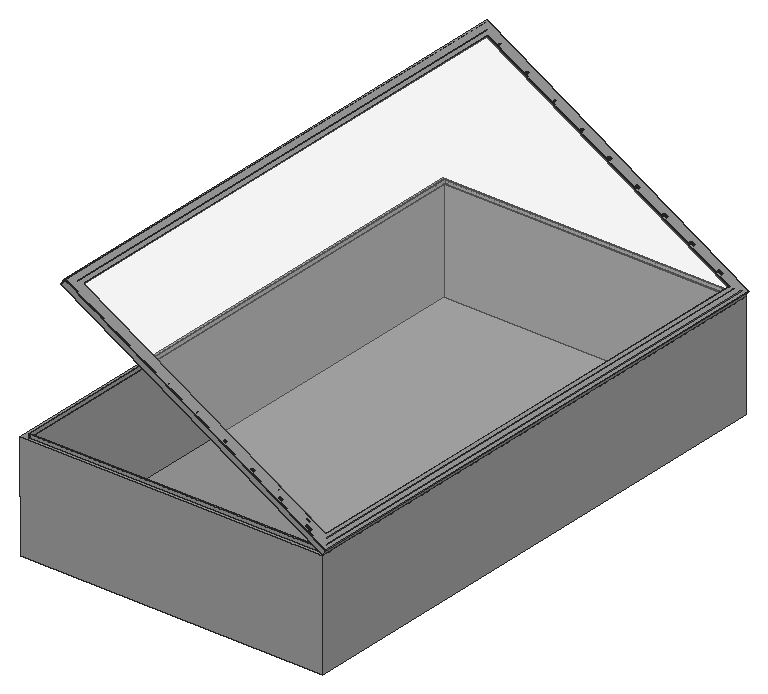
Revit family "Hager-Orion_Inox-IP66-D300-Cl.I-Inox_encl-630A-1400mm-CH-de", category Electrical Equipment, host Face, Revit 2020
Family settings
  Host = Face
  Panel Configuration = Two Columns, Circuits Across
  Round Connector Dimension = Use Diameter
  Part Type = Panelboard
  Cut with Voids When Loaded = No
  Shared = No
  Room Calculation Point = No
Parameters (values of type "Aufputz IP66 B800 H1400 T300  - FL049TWL")
  Width Control [instance] = if([EF000008 - Breite] > Min Width, [EF000008 - Breite], Min Width)  # 800 mm
  Type Comments = [HG000003 - Bereich]  # "Orion Inox"
  Thickness Door [instance] = if([EF009171 - Materialstärke Tür/Deckel] > 3 mm, 3 mm, [EF009171 - Materialstärke Tür/Deckel])  # 1.5 mm
  Seal Frame Offset [instance] = 17 mm  # constant formula
  Model = ""
  Min Width [instance] = 100 mm  # constant formula
  Min Height [instance] = 100 mm  # constant formula
  Min Depth [instance] = (2 * [EF009170 - Materialstärke Gehäuse]) + 1 mm  # 4 mm
  Internal Frame Depth [instance] = (Door System Depth * 0.5)  # 9 mm
  Height Control [instance] = if([EF000040 - Höhe] > Min Height, [EF000040 - Höhe], Min Height)  # 1400 mm
  HG000027 - Sockelhöhe = 0 mm
  HG000026 - Stehend auf dem Boden = no
  HG000024 - Höhe des unteren Teils = 800 mm
  HG000023 - Gehäuse mit doppeltem Querschnitt = no
  HG000016 - 3D-Türsichtbarkeit [instance] = yes
  HG000015 - Sichtbarkeit der Türöffnung [instance] = no
  HG000014 - Tür rechts [instance] = yes
  HG000013 - Tür links [instance] = not([HG000014 - Tür rechts])  # no
  HG000012 - Türschwenkwinkel [instance] = 30.00°
  HG000010 - Asymmetrische Türen = no
  HG000009 - Doppelflügeligen Tür = no
  HG000006 - Unterputz = no
  HG000004 - Herstellerreferenz = "FL049TWL"
  HG000003 - Bereich = "Orion Inox"
  HG000002 - Mit tür = yes
  Frame Offset Bottom [instance] = 10 mm  # constant formula
  Frame Offset [instance] = 15 mm  # constant formula
  EF015940 - Deckel mit Überdruckentlastung = no
  EF011959 - Schutzart (NEMA) = ""
  EF009554 - Anzahl der Öffnungen für Flanschplatten = 0
  Manufacturer = "Hager"  # constant formula
  EF009212 - Ausführung Deckel = "EV000116 - geschlossen"
  EF009171 - Materialstärke Tür/Deckel = 1.5 mm
  EF009170 - Materialstärke Gehäuse = 1.5 mm
  EF008873 - Nennstrom (In) = 630 A
  EF007800 - Geeignet für Blitzschutz = no
  EF006306 - Mit Schloss = yes
  EF006244 - Transparenter Deckel/Tür = yes
  EF005474 - Schutzart (IP) = "EV006422 - IP66"
  EF004464 - Art der Tür = "EV002646 - Einzel"
  EF004427 - Anzahl der Module = 0
  EF004293 - Schlagfestigkeit = "EV006814 - IK08"
  EF003532 - Geeignet für Außengebrauch = yes
  EF002950 - Breite in Teilungseinheiten = 0
  EF001613 - Funktionserhalt = "EV000494 - ohne"
  EF001596 - Werkstoff des Gehäuses = "EV000166 - rostfreier Stahl"
  EF001131 - Innentiefe = 266 mm
  EF001088 - Anbaumöglichkeit = yes
  EF000437 - Anzahl der Leitungseinführungen = 0
  EF000339 - Art der Abdeckung = "EV004216 - Tür"
  EF000266 - Anzahl der Reihen = 0
  EF000218 - Einbautiefe = 0 mm
  EF000118 - Mit Montageplatte = no
  EF000116 - RAL-Nummer = ""
  EF000049 - Tiefe = 300 mm
  EF000040 - Höhe = 1400 mm
  EF000008 - Breite = 800 mm
  EF000007 - Farbe = "EV000154 - sonstige"
  EF000003 - Montageart = "EV000384 - Aufputz"
  Door System Leaf Tolerance [instance] = 1.5 mm  # constant formula
  Door System Depth [instance] = 18 mm  # constant formula
  Depth Control [instance] = if([EF000049 - Tiefe] > Min Depth, [EF000049 - Tiefe], Min Depth)  # 300 mm
  Default Elevation = 0 mm
Types (4, lengths in mm): name | HG000004 - Herstellerreferenz | EF006244 - Transparenter Deckel/Tür | EF004293 - Schlagfestigkeit
  Aufputz IP66 B800 H1400 T300  - FL049BW | "FL049BW" | no | "EV008784 - IK10"
  Aufputz IP66 B800 H1400 T300  - FL049BWL | "FL049BWL" | no | "EV008784 - IK10"
  Aufputz IP66 B800 H1400 T300  - FL049TW | "FL049TW" | yes | "EV006814 - IK08"
  Aufputz IP66 B800 H1400 T300  - FL049TWL | "FL049TWL" | yes | "EV006814 - IK08"
Reference planes
  plane 1 "Center (Front/Back)": y = 0
  plane 2: z = 0
  plane 3 "Center (Left/Right)": x = 0
  plane 4: z = 300
  plane 5: y = 1.5
  plane 6: y = 700
  plane 7: y = 0
  plane 8: y = 1400
  plane 9: z = 0
  plane 10: x = -385
  plane 11: x = 385
  plane 12: x = 383.5
  plane 13: x = -383.5
  plane 14: y = 1398.5
  plane 15: x = -383
  plane 16: x = -400
  plane 17: x = 383
  plane 18: x = 400
  plane 19: x = 398.5
  plane 20: x = -398.5
  plane 21: y = 11.5
  plane 22: y = 1400
  plane 23: y = 1383.5
  plane 24: z = 282
  plane 25: z = 1.5
  plane 26: z = 280.5
  plane 27: z = 298.5
Forms (mm)
  Extrusion 1, solid, material "Hager_Stainless_Steel", detail levels medium+fine
    sketch origin (0, 0, 0) x (1, 0, 0) y (0, 1, 0)
      loop
        line (-400, 0) -> (400, 0) -> (400, 1400) -> (-400, 1400) -> (-400, 0)
    from 0 to 282
  Extrusion 2, solid, material "Hager_Steel_RAL 7035_Light_Grey", not visible, detail levels medium+fine
    sketch origin (0, 28.16, 50.802) x (0, 1, 0) y (0, 0, 1)
      loop
        line (723.34, -50.802) -> (723.34, 237.698)
        arc (723.34, 237.698) -> (720.411, 244.769) -> (713.34, 247.698) r 10
        line (713.34, 247.698) -> (683.34, 247.698) -> (683.34, -50.802) -> (723.34, -50.802)
    from -398.5 to 398.5
  Extrusion 3, void
    sketch origin (0, 0, 0) x (1, 0, 0) y (0, 1, 0)
      loop
        line (-398.5, 1.5) -> (398.5, 1.5) -> (398.5, 1398.5) -> (-398.5, 1398.5) -> (-398.5, 1.5)
    from 1.5 to 280.5
  Extrusion 4, void
    sketch origin (-381.607, -4572, 282) x (0, -1, 0) y (-1, 0, 0)
      loop
        line (-4583.5, 1.893) -> (-5955.5, 1.893) -> (-5955.5, -765.107) -> (-4583.5, -765.107) -> (-4583.5, 1.893)
    from 0 to 1.5 <- "EF009170 - Materialstärke Gehäuse"
  Extrusion 5, solid, material "Hager_Stainless_Steel", detail levels fine
    sketch origin (-381.607, -4572, 282) x (-1, 0, 0) y (0, -1, 0)
      loop
        line (1.893, -4583.5) -> (-765.107, -4583.5) -> (-765.107, -5955.5) -> (1.893, -5955.5) -> (1.893, -4583.5)
      loop
        line (2.893, -4582) -> (-766.107, -4582) -> (-766.107, -5957) -> (2.893, -5957) -> (2.893, -4582)
    from 0 to 9 <- "Internal Frame Depth"
  Extrusion 6, solid, material "Hager_Stainless_Steel", detail levels coarse
    sketch origin (0, 0, 0) x (1, 0, 0) y (0, 1, 0)
      loop
        line (-400, 0) -> (400, 0) -> (400, 1400) -> (-400, 1400) -> (-400, 0)
    from 0 to 300
Cuts and joins
  Extrusion 3, Extrusion 4 cuts Extrusion 1
Lines and regions (mm)
  Masking region 1
    outline origin (0, 0, 0) x (1, 0, 0) y (0, 0, 1)
      loop
        line (-400, 300) -> (-400, 0) -> (400, 0) -> (400, 300) -> (-400, 300)
  Masking region 2, detail levels medium+fine
    outline origin (0, 140, 0) x (0, 1, 0) y (0, 0, 1)
      loop
        line (-140, 0) -> (1260, 0) -> (1260, 282) -> (-140, 282) -> (-140, 0)
  Masking region 3, not visible, detail levels medium+fine
    outline origin (0, 297.922, 0) x (0, 1, 0) y (0, 0, 1)
      loop
        line (413.578, 0) -> (453.578, 0) -> (453.578, 288.5)
        arc (453.578, 288.5) -> (450.649, 295.571) -> (443.578, 298.5) r 10
        line (443.578, 298.5) -> (413.578, 298.5) -> (413.578, 0)
  Masking region 4, detail levels coarse
    outline origin (0, 0, 180) x (0, 1, 0) y (0, 0, 1)
      loop
        line (0, -180) -> (1400, -180) -> (1400, 120) -> (0, 120) -> (0, -180)
  Masking region 5
    outline origin (-381.607, -4572, 282) x (-1, 0, 0) y (0, -1, 0)
      loop
        line (18.393, -5972) -> (18.393, -4572) -> (-781.607, -4572) -> (-781.607, -5972) -> (18.393, -5972)
Dimensions and locks
  "Depth Control": plane 4 to host face
  "EF009170 - Materialstärke Gehäuse": plane 5 to plane 7
  locked: connector elem to plane 3 "Center (Left/Right)"
  equal spacing: plane 8, plane 6, plane 7
  locked: connector elem to plane 6
  "EF009170 - Materialstärke Gehäuse": plane 8 to plane 14
  "EF009170 - Materialstärke Gehäuse": plane 10 to plane 13
  "EF009170 - Materialstärke Gehäuse": plane 12 to plane 11
  "Frame Offset": plane 20 to plane 13
  "Frame Offset": plane 12 to plane 19
  "EF009170 - Materialstärke Gehäuse": plane 16 to plane 20
  "EF009170 - Materialstärke Gehäuse": plane 19 to plane 18
  "Seal Frame Offset": plane 16 to plane 15
  "Seal Frame Offset": plane 17 to plane 18
  "Frame Offset Bottom": plane 21 to plane 5
  "Frame Offset": plane 14 to plane 23
  equal spacing: plane 16, plane 3 "Center (Left/Right)", plane 18
  "Width Control": plane 16 to plane 18
  "EF009170 - Materialstärke Gehäuse": plane 4 to plane 27
  "EF009170 - Materialstärke Gehäuse": plane 24 to plane 26
  "EF009170 - Materialstärke Gehäuse": plane 25 to level
  "Door System Depth": plane 4 to plane 24
  "Height Control": plane 1 "Center (Front/Back)" to Extrusion 6 sketch curve
  "Height Control": Masking region 4 sketch curve to plane 1 "Center (Front/Back)"
  "Thickness Door": Extrusion 5 sketch curve to plane 15
  "Thickness Door": plane 21 to Extrusion 5 sketch curve
  "Thickness Door": plane 17 to Extrusion 5 sketch curve
  "Thickness Door": Extrusion 5 sketch curve to plane 23
  "Height Control": plane 1 "Center (Front/Back)" to plane 22
  radius of Masking region 3 sketch curve = 10 mm
  radius of Extrusion 2 sketch curve = 10 mm
  aligned and locked: plane 2 to host face
  aligned and locked: level to host face
  aligned and locked: level to Masking region 1 sketch curve
  aligned and locked: Masking region 1 sketch curve to plane 18
  aligned and locked: Masking region 1 sketch curve to plane 16
  aligned and locked: plane 7 to Masking region 2 sketch curve
  aligned and locked: level to Masking region 3 sketch curve
  aligned and locked: Masking region 3 sketch curve to plane 27
  aligned and locked: level to Masking region 2 sketch curve
  aligned and locked: Extrusion 1 sketch curve to plane 7
  aligned and locked: plane 16 to Extrusion 1 sketch curve
  aligned and locked: plane 18 to Extrusion 1 sketch curve
  aligned and locked: Extrusion 2 sketch curve to level
  aligned and locked: plane 27 to Extrusion 2 sketch curve
  aligned and locked: plane 20 to Extrusion 2
  aligned and locked: plane 19 to Extrusion 2
  aligned and locked: plane 20 to Extrusion 3 sketch curve
  aligned and locked: plane 19 to Extrusion 3 sketch curve
  aligned and locked: Extrusion 3 sketch curve to plane 5
  aligned and locked: Extrusion 3 to plane 25
  aligned and locked: plane 26 to Extrusion 3
  aligned and locked: plane 24 to Extrusion 1
  aligned and locked: Extrusion 4 sketch curve to plane 21
  aligned and locked: Extrusion 4 sketch curve to plane 13
  aligned and locked: Extrusion 4 sketch curve to plane 12
  aligned and locked: plane 18 to Extrusion 6 sketch curve
  aligned and locked: plane 1 "Center (Front/Back)" to Extrusion 6 sketch curve
  aligned and locked: plane 16 to Extrusion 6 sketch curve
  aligned and locked: plane 4 to Extrusion 6
  aligned and locked: Extrusion 6 to level
  aligned and locked: level to Masking region 4 sketch curve
  aligned and locked: Masking region 4 sketch curve to plane 1 "Center (Front/Back)"
  aligned and locked: Masking region 4 sketch curve to plane 4
  aligned and locked: nested 1 to level
  aligned and locked: nested 1 to plane 16
  aligned and locked: plane 8 to Extrusion 1 sketch curve
  aligned and locked: plane 23 to Extrusion 4 sketch curve
  aligned and locked: plane 14 to Extrusion 3 sketch curve
  aligned and locked: Extrusion 5 sketch curve to plane 21
  aligned and locked: plane 13 to Extrusion 5 sketch curve
  aligned and locked: plane 23 to Extrusion 5 sketch curve
  aligned and locked: plane 12 to Extrusion 5 sketch curve
  aligned and locked: Masking region 2 sketch curve to plane 8
  aligned and locked: Masking region 2 sketch curve to plane 24
  aligned and locked: nested 2 to plane 3 "Center (Left/Right)"
  aligned and locked: nested 2 to plane 24
  aligned and locked: Masking region 5 sketch curve to plane 1 "Center (Front/Back)"
  aligned and locked: Masking region 5 sketch curve to plane 18
  aligned and locked: Masking region 5 sketch curve to plane 22
  aligned and locked: Masking region 5 sketch curve to plane 16
  aligned and locked: plane 8 to plane 22
  aligned and locked: plane 7 to plane 1 "Center (Front/Back)"
  aligned and locked: nested 2 to plane 1 "Center (Front/Back)"
Automatic sketch dimensions
  host sketch curve to host sketch curve = 1469.727 mm
  host sketch curve to host sketch curve = 2116.445 mm
  plane 6 to Masking region 3 sketch curve = 11.5 mm
  Masking region 3 sketch curve to Masking region 3 sketch curve = 30 mm
  plane 6 to Extrusion 2 sketch curve = 11.5 mm
  Extrusion 2 sketch curve to Extrusion 2 sketch curve = 30 mm
  Masking region 1 sketch curve to plane 4 = 0 mm
Nested families
  nested 1: "Hager_Enclosure_Symbol" at (-400, 0, 0) x (1, 0, 0) z (0, -1, 0), Height <- "Depth Control", Width <- "Width Control", type "Hager_Enclosure_Symbol"
    with Width_Ctrl 800 mm, Width 800 mm, Height_Ctrl 300 mm, Height 300 mm, A_Width_Int 19.688 mm, A_Width 236.25 mm, A_Height_Ctrl 262.5 mm, A_Height 262.5 mm
  nested 2: "EC000058_OrionInox_Door" at (0, 1400, 282) x (1, 0, 0) z (0, -1, 0), Leaf_Tolerance <- "Door System Leaf Tolerance", Angle <- "HG000012 - Türschwenkwinkel", Door_Depth <- "Door System Depth", Door_Left <- "HG000013 - Tür links", Transparent <- "EF006244 - Transparenter Deckel/Tür", Assymetrical <- "HG000010 - Asymmetrische Türen", Width <- "Width Control", Clearance <- "HG000015 - Sichtbarkeit der Türöffnung", Double <- "HG000009 - Doppelflügeligen Tür", 3d_Door <- "HG000016 - 3D-Türsichtbarkeit", Width_Ctrl <- "Width Control", Door_Right <- "HG000014 - Tür rechts", Door <- "HG000002 - Mit tür", Height <- "Height Control", Thickness <- "Thickness Door", type "EC000058_OrionInox_Door", detail levels medium+fine
    with min_wh 4 mm, Width_Ctrl 800 mm, Width 800 mm, Transparent yes, Thickness 1.5 mm, Seal_Material Hager_Rubber, Leaf_Width 800 mm, Leaf_Tolerance_External_Sides 0 mm, Leaf_Tolerance 1.5 mm, Leaf_Offset 0 mm, Leaf_Height 1397 mm, Leaf_2_Width 800 mm, Leaf_2_Offset 400 mm, Leaf_1_Width 800 mm, Leaf_1_Offset 400 mm, Height_Ctrl 1400 mm, Height 1400 mm, Glass_Material Hager_Glass, Double_Clearance_Ctrl no, Double no, Door_Right_Ctrl yes, Door_Right yes, Door_Material Hager_Stainless_Steel, Door_Left_Ctrl no, Door_Left no, Door_Depth 18 mm, Door yes, Clearance_Material Hager_Clearance, Clearance_Depth 800 mm, Clearance_Ctrl no, Clearance no, Assymetrical no, Angle 30.00°, 3d_Door yes
Connectors
  electrical at (0, 700, 0)
    settings: on plane 9, index 1, voltage 0 V, apparent load 0 VA, apparent load phase1 0 VA, apparent load phase2 0 VA, apparent load phase3 0 VA, power factor 1, load classification "Other", number of poles 1, system type 30, power factor state 1, is connector primary yes, connector utility no, sub classification motor no, connector description ""
Definition of nested family "EC000058_OrionInox_Door"
  Parameters (values of type "EC000058_OrionInox_Door")
    min_wh [instance] = (2 * Thickness) + 1 mm  # 11 mm
    Width_Ctrl [instance] = 400 mm
    Width [instance] = 500 mm
    Transparent [instance] = yes
    Thickness [instance] = 5 mm
    Seal_Material [instance] = none
    Leaf_Width [instance] = if((Width_Ctrl - 2 * Leaf_Tolerance_External_Sides) > 0 mm, (Width_Ctrl - 2 * Leaf_Tolerance_External_Sides), min_wh)  # 400 mm
    Leaf_Tolerance_External_Sides [instance] = 0 mm  # constant formula
    Leaf_Tolerance [instance] = 1.5 mm
    Leaf_Offset [instance] = 0 mm  # constant formula
    Leaf_Height [instance] = if((Height_Ctrl - 2 * Leaf_Tolerance) > 0 mm, (Height_Ctrl - 2 * Leaf_Tolerance), min_wh)  # 497 mm
    Leaf_2_Width [instance] = if(and(and(Double, Assymetrical), Door_Left), (Leaf_Width / 3) - (Leaf_Tolerance / 2), if(and(and(Double, Assymetrical), Door_Right), (Leaf_Width / 3) * 2 - (Leaf_Tolerance / 2), if(and(Double, not(Assymetrical)), (Leaf_Width / 2) - Leaf_Tolerance, Leaf_Width)))  # 400 mm
    Leaf_2_Offset [instance] = if(and(Double, Assymetrical), Leaf_2_Width / 2, if(and(Double, not(Assymetrical)), Leaf_Width / 4, Leaf_Width / 2))  # 200 mm
    Leaf_1_Width [instance] = if(and(and(Double, Assymetrical), Door_Right), (Leaf_Width / 3) - (Leaf_Tolerance / 2), if(and(and(Double, Assymetrical), Door_Left), (Width / 3) * 2 - (Leaf_Tolerance / 2), if(and(Double, not(Assymetrical)), (Leaf_Width / 2) - Leaf_Tolerance, Leaf_Width)))  # 400 mm
    Leaf_1_Offset [instance] = if(and(Double, Assymetrical), Leaf_1_Width / 2, if(and(Double, not(Assymetrical)), Leaf_Width / 4, Leaf_Width / 2))  # 200 mm
    Height_Ctrl [instance] = if(Height > min_wh, Height, min_wh)  # 500 mm
    Height [instance] = 500 mm
    Glass_Material [instance] = none
    Double_Clearance_Ctrl [instance] = and(Double, Clearance)  # no
    Double [instance] = no
    Door_Right_Ctrl [instance] = and(or(Door_Right, Double), Door)  # yes
    Door_Right [instance] = yes
    Door_Material [instance] = none
    Door_Left_Ctrl [instance] = and(or(Door_Left, Double), Door)  # no
    Door_Left [instance] = no
    Door_Depth [instance] = 30 mm
    Door [instance] = yes
    Default Elevation = 1219.2 mm
    Clearance_Material [instance] = none
    Clearance_Depth [instance] = if(Leaf_1_Width > Leaf_2_Width, Leaf_1_Width, Leaf_2_Width)  # 400 mm
    Clearance_Ctrl [instance] = and(not(Double), Clearance)  # yes
    Clearance [instance] = yes
    Assymetrical [instance] = yes
    Angle [instance] = 30.00°
    3d_Door [instance] = yes
  Reference planes
    plane 1 "Center (Front/Back)": y = 0
    plane 2 "Bottom": z = 0
    plane 3 "Center (Left/Right)": x = 0
    plane 4: z = 500
    plane 5: x = -200
    plane 6: x = 200
    plane 7: z = 500
    plane 8: x = -200
    plane 9: z = 0
    plane 10: x = 200
    plane 11: y = 0
    plane 12: z = 1.5
    plane 13: x = -600
    plane 14: y = -400
    plane 15: x = 600
    plane 16: x = 0
    plane 17: x = 0
    plane 18: x = -200
    plane 19: x = 200
    plane 20: z = 498.5
  Forms (mm)
    Extrusion 1, solid, material <- "Clearance_Material", visible <- "Double_Clearance_Ctrl"
      sketch origin (1200, 0, 0) x (1, 0, 0) y (0, 0, -1)
        loop
          line (-1800, -498.5) -> (-600, -498.5) -> (-600, 0) -> (-1800, 0) -> (-1800, -498.5)
      from 0 to -400
  Dimensions and locks
    equal spacing: plane 5, plane 3 "Center (Left/Right)", plane 6
    "Width_Ctrl": plane 5 to plane 6
    "Leaf_Offset": plane 5 to plane 8
    "Leaf_Offset": plane 6 to plane 10
    "Leaf_Offset": plane 9 to level
    "Leaf_Offset": plane 4 to plane 7
    "Height_Ctrl": plane 4 to level
    "Leaf_Tolerance": plane 12 to plane 9
    locked: plane 11 to plane 1 "Center (Front/Back)"
    "Leaf_1_Offset": plane 18 to plane 16
    "Leaf_2_Offset": plane 17 to plane 19
    "Leaf_1_Width": plane 13 to plane 8
    "Leaf_2_Width": plane 10 to plane 15
    "Clearance_Depth": plane 14 to plane 1 "Center (Front/Back)"
    "Leaf_Tolerance_External_Sides": plane 8 to plane 18
    "Leaf_Tolerance_External_Sides": plane 19 to plane 10
    "Leaf_Tolerance": plane 7 to plane 20
    aligned and locked: level to plane 2 "Bottom"
    aligned and locked: nested 1 to plane 16
    aligned and locked: nested 2 to plane 17
    aligned and locked: Extrusion 1 to plane 13
    aligned and locked: plane 15 to Extrusion 1
    aligned and locked: Extrusion 1 to plane 14
    aligned and locked: plane 12 to nested 1
    aligned and locked: nested 2 to plane 12
    aligned and locked: Extrusion 1 to plane 11
    aligned and locked: plane 20 to Extrusion 1
    aligned and locked: nested 2 to plane 11
    aligned and locked: nested 1 to plane 11
  Automatic sketch dimensions
    Extrusion 1 sketch curve to level = 0 mm
    plane 5 to Extrusion 1 sketch curve = 400 mm
    plane 6 to Extrusion 1 sketch curve = 400 mm
    Extrusion 1 sketch curve to plane 4 = 1.5 mm
  Nested families
    nested 1: "EC000058_OrionInox_Door_Leaf" at (0, 0, 1.5), Width <- "Leaf_1_Width", visible <- "Door_Left_Ctrl", Leaf_Height <- "Leaf_Height", Angle <- "Angle", 3d_Door <- "3d_Door", Transparent <- "Transparent", Clearance Material <- "Clearance_Material", Clearance <- "Clearance_Ctrl", Door_Material <- "Door_Material", Glass_Material <- "Glass_Material", Door_Depth <- "Door_Depth", Seal_Material <- "Seal_Material", Thickness <- "Thickness", type "EC000058_OrionInox_Door_Leaf"
      with Width 400 mm, Transparent_Ctrl yes, Transparent yes, Thickness 5 mm, Standard no, Seal_Material none, Seal_D2 8 mm, Seal_D1 1 mm, Offset_Internal_Frame 10 mm, Lock_Width 28 mm, Lock_Thickness 2 mm, Lock_Radius 6 mm, Leaf_Height 497 mm, Internal_Seal_Thickness 8 mm, Internal_Seal_Depth_2 4.5 mm, Internal_Frame_Depth 25 mm, Glass_Thickness -1 mm, Glass_Offset -2 mm, Glass_Material none, Door_Material none, Door_Depth 30 mm, Clearance Material none, Clearance yes, Angle_Ctrl 30.00°, Angle 30.00°, 3d_Door yes
    nested 2: "EC000058_OrionInox_Door_Leaf" at (0, 0, 1.5) x (-1, 0, 0) z (0, 0, 1), Width <- "Leaf_2_Width", visible <- "Door_Right_Ctrl", Leaf_Height <- "Leaf_Height", Angle <- "Angle", 3d_Door <- "3d_Door", Transparent <- "Transparent", Clearance Material <- "Clearance_Material", Clearance <- "Clearance_Ctrl", Door_Material <- "Door_Material", Glass_Material <- "Glass_Material", Door_Depth <- "Door_Depth", Seal_Material <- "Seal_Material", Thickness <- "Thickness", type "EC000058_OrionInox_Door_Leaf"
      with Width 400 mm, Transparent_Ctrl yes, Transparent yes, Thickness 5 mm, Standard no, Seal_Material none, Seal_D2 8 mm, Seal_D1 1 mm, Offset_Internal_Frame 10 mm, Lock_Width 28 mm, Lock_Thickness 2 mm, Lock_Radius 6 mm, Leaf_Height 497 mm, Internal_Seal_Thickness 8 mm, Internal_Seal_Depth_2 4.5 mm, Internal_Frame_Depth 25 mm, Glass_Thickness -1 mm, Glass_Offset -2 mm, Glass_Material none, Door_Material none, Door_Depth 30 mm, Clearance Material none, Clearance yes, Angle_Ctrl 30.00°, Angle 30.00°, 3d_Door yes
  Definition of nested family "EC000058_OrionInox_Door_Leaf"
    Parameters (values of type "EC000058_OrionInox_Door_Leaf")
      Width [instance] = 450 mm
      Transparent_Ctrl [instance] = and(Transparent, [3d_Door])  # yes
      Transparent [instance] = yes
      Thickness [instance] = 5 mm
      Standard [instance] = and(not(Transparent), [3d_Door])  # no
      Seal_Material [instance] = none
      Seal_D2 [instance] = 8 mm  # constant formula
      Seal_D1 [instance] = 1 mm  # constant formula
      Offset_Internal_Frame [instance] = 10 mm  # constant formula
      Lock_Width [instance] = Door_Depth - Lock_Thickness  # 28 mm
      Lock_Thickness [instance] = 2 mm  # constant formula
      Lock_Radius [instance] = 6 mm  # constant formula
      Leaf_Height [instance] = 450 mm
      Internal_Seal_Thickness [instance] = 8 mm  # constant formula
      Internal_Seal_Depth_2 [instance] = 4.5 mm  # constant formula
      Internal_Frame_Depth [instance] = if(Door_Depth - Thickness > 5 mm, Door_Depth - Thickness, 5 mm)  # 25 mm
      Glass_Thickness [instance] = if(Thickness > 15 mm, Glass_Offset + 10 mm, -1 mm)  # -1 mm
      Glass_Offset [instance] = if(Thickness > 15 mm, -(Thickness + 10 mm) / 2, -2 mm)  # -2 mm
      Glass_Material [instance] = none
      Door_Material [instance] = none
      Door_Depth [instance] = 30 mm
      Default Elevation = 0 mm
      Clearance Material [instance] = none
      Clearance [instance] = yes
      Angle_Ctrl [instance] = if(Angle > 180.00°, 180.00°, Angle)  # 90.00°
      Angle [instance] = 90.00°
      3d_Door [instance] = yes
    Reference planes
      plane 1 "Center (Front/Back)": y = 0
      plane 2: z = 0
      plane 3 "Center (Left/Right)": x = 0
      plane 4: y = 450
      plane 5: x = -225
      plane 6: x = 225
      plane 7: x = -675
      plane 8: z = 450
      plane 9: z = 30
      plane 10: z = 420
      plane 11: x = 195
      plane 12: x = -195
      plane 13: y = -3
      plane 14: z = 107.833
      plane 15: y = -5
      plane 16: y = -223.314
      plane 17: x = -225
      plane 18: y = 30
    Forms (mm)
      Extrusion 1, solid, material <- "Clearance Material", visible <- "Clearance"
        sketch origin (0, 0, 0) x (1, 0, 0) y (0, 0, 1)
          loop
            line (-675, 450) -> (-675, 0) -> (225, 0) -> (225, 450) -> (-675, 450)
        from 0 to -450
      Extrusion 2, solid, material <- "Door_Material", visible <- "Standard", detail levels medium+fine
        sketch origin (-225, 0, 0) x (0, 1, 0) y (-1, 0, 0)
          loop
            line (0, 30) -> (0, 25) -> (450, 25) -> (450, 30) -> (0, 30)
        from 0 to 450 <- "Leaf_Height"
      Extrusion 3, solid, material <- "Door_Material", visible <- "Transparent_Ctrl", detail levels medium+fine
        sketch origin (-225, 0, 0) x (0, 1, 0) y (-1, 0, 0)
          loop
            line (0, 25) -> (450, 25) -> (450, 30) -> (0, 30) -> (0, 25)
        from 0 to 450 <- "Leaf_Height"
      Extrusion 4, void
        sketch origin (-250, 450, 0) x (0, 1, 0) y (0, 0, -1)
          loop
            line (-30, -420) -> (-30, -30) -> (-420, -30) -> (-420, -420) -> (-30, -420)
        from 0 to 5 <- "Thickness"
      Sweep 5, solid, material <- "Seal_Material", visible <- "Transparent_Ctrl", detail levels fine
        path in 3D
          loop
            line (-250, 30, 30) -> (-250, 30, 420) -> (-250, 420, 420) -> (-250, 420, 30) -> (-250, 30, 30)
        profile origin (-250, 225, 30) x (1, 0, 0) y (0, 0, 1)
          loop
            line (0, 0) -> (0, -8) -> (1, -8) -> (1, 0) -> (0, 0)
      Extrusion 6, solid, material <- "Glass_Material", visible <- "Transparent_Ctrl", detail levels medium+fine
        sketch origin (-255, 0, 0) x (0, 1, 0) y (0, 0, -1)
          loop
            line (420, -420) -> (420, -30) -> (30, -30) -> (30, -420) -> (420, -420)
        from -2 <- "Glass_Offset" to -1 <- "Glass_Thickness"
      Extrusion 7, solid, material <- "Door_Material", visible <- "3d_Door", detail levels medium+fine
        sketch origin (-250, 450, 0) x (0, -1, 0) y (0, 0, -1)
          loop
            line (0, -450) -> (450, -450) -> (450, 0) -> (0, 0) -> (0, -450)
          loop
            line (445, -5) -> (5, -5) -> (5, -445) -> (445, -445) -> (445, -5)
        from 0 to 25 <- "Internal_Frame_Depth"
      Sweep 8, solid, material <- "Seal_Material", visible <- "Transparent_Ctrl", detail levels fine
        path in 3D
          loop
            line (-250, 0, 0) -> (-250, 450, 0) -> (-250, 450, 450) -> (-250, 0, 450) -> (-250, 0, 0)
        profile origin (-250, 0, 225) x (1, 0, 0) y (0, 1, 0)
          loop
            line (0, 10) -> (2.975, 10)
            arc (2.975, 10) -> (4.053, 10.447) -> (4.5, 11.525) r 1.525
            line (4.5, 11.525) -> (4.5, 16.527)
            arc (4.5, 16.527) -> (4.069, 17.569) -> (3.027, 18) r 1.473
            line (3.027, 18) -> (0, 18) -> (0, 10)
    Cuts and joins
      Extrusion 4 cuts Extrusion 3
    Lines and regions (mm)
      Masking region 1, detail levels medium+fine
        outline origin (0, 0, 0) x (0, 1, 0) y (0, 0, 1)
          loop
            line (0, 0) -> (30, 0) -> (30, 450) -> (0, 450) -> (0, 0)
      Masking region 2, detail levels medium+fine
        outline origin (0, 0, 0) x (1, 0, 0) y (0, 0, 1)
          loop
            line (-225, 450) -> (-225, 0) -> (225, 0) -> (225, 450) -> (-225, 450)
      symbolic lines
        curve 1: line (225, 0, 0) -> (-675, 0, 0)
        curve 2: arc (225, 0, 0) -> (-225, 450, 0) -> (-675, 0, 0) r 450
        curve 4: line (-255, 0, 0) -> (-255, 450, 0)
      reference lines
        curve 3: line (-225, 0, 0) -> (-225, 450, 0)
      symbolic lines, detail levels medium+fine
        curve 5: line (-255, 450, 0) -> (-250, 450, 0)
        curve 7: line (-250, 0, 0) -> (-255, 0, 0)
        curve 8: line (-250, 0, 0) -> (-225, 0, 0)
        curve 9: line (-225, 0, 0) -> (-225, 450, 0)
        curve 10: line (-225, 450, 0) -> (-250, 450, 0)
      symbolic lines, detail levels fine
        curve 6: line (-250, 450, 0) -> (-250, 0, 0)
      sketch lines
        curve 11: line (-250, 0, 450) -> (-250, 0, 0)
        curve 12: line (-250, 450, 0) -> (-250, 0, 0)
        curve 13: line (-250, 450, 450) -> (-250, 450, 0)
        curve 14: line (-250, 0, 450) -> (-250, 450, 450)
        curve 15: line (-250, 420, 30) -> (-250, 30, 30)
        curve 16: line (-250, 30, 30) -> (-250, 30, 420)
        curve 17: line (-250, 420, 420) -> (-250, 420, 30)
        curve 18: line (-250, 30, 420) -> (-250, 420, 420)
      symbolic lines, visible <- "Transparent", detail levels medium+fine
        curve 19: line (-195, 0, 420) -> (195, 0, 420)
        curve 20: line (-195, 0, 30) -> (-195, 0, 420)
        curve 21: line (195, 0, 30) -> (-195, 0, 30)
        curve 22: line (195, 0, 420) -> (195, 0, 30)
    Dimensions and locks
      "Width": plane 1 "Center (Front/Back)" to plane 4
      equal spacing: plane 5, plane 3 "Center (Left/Right)", plane 6
      "Width": plane 5 to plane 6
      "Width": plane 7 to plane 5
      "Leaf_Height": plane 8 to level
      "Width": curve 5 to curve 3
      "Width": curve 3 to curve 3
      plane 8 to plane 10 = 30 mm
      plane 9 to level = 30 mm
      plane 12 to plane 5 = 30 mm
      plane 6 to plane 11 = 30 mm
      Extrusion 4 sketch curve to Extrusion 3 = 30 mm
      Extrusion 3 to Extrusion 4 sketch curve = 30 mm
      Extrusion 1 to Extrusion 4 sketch curve = 30 mm
      curve 3 to Extrusion 4 sketch curve = 30 mm
      Extrusion 4 sketch curve to cut or joined group of Extrusion 3, Extrusion 4 = 30 mm
      cut or joined group of Extrusion 3, Extrusion 4 to Extrusion 6 sketch curve = 30 mm
      cut or joined group of Extrusion 3, Extrusion 4 to Extrusion 4 sketch curve = 30 mm
      "Thickness": curve 6 to curve 4
      "Thickness": Extrusion 7 sketch curve to Extrusion 7 sketch curve  (x4)
      "Door_Depth": curve 4 to curve 3
      "Offset_Internal_Frame": profile plane to Sweep 8 sketch curve
      "Internal_Seal_Thickness": Sweep 8 sketch curve to Sweep 8 sketch curve
      "Internal_Seal_Depth_2": profile plane to Sweep 8 sketch curve
      "Seal_D1": profile plane to Sweep 5 sketch curve
      "Seal_D2": profile plane to Sweep 5 sketch curve
      "Thickness": Extrusion 2 sketch curve to Extrusion 2 sketch curve
      "Door_Depth": plane 18 to plane 1 "Center (Front/Back)"
      radius of Sweep 8 sketch curve = 1.525 mm
      radius of Sweep 8 sketch curve = 1.473 mm
      "Angle_Ctrl": angle plane 1 "Center (Front/Back)" to curve 3
      aligned and locked: level to plane 2
      aligned and locked: Extrusion 1 to curve 1
      aligned and locked: plane 6 to Extrusion 1
      aligned and locked: plane 1 "Center (Front/Back)" to Extrusion 1
      aligned and locked: plane 4 to Extrusion 1
      aligned and locked: plane 8 to Extrusion 1
      aligned and locked: curve 7 to Extrusion 2 sketch curve
      aligned and locked: curve 5 to Extrusion 2 sketch curve
      aligned and locked: curve 7 to Extrusion 3 sketch curve
      aligned and locked: Extrusion 3 sketch curve to curve 4
      aligned and locked: Extrusion 3 sketch curve to curve 6
      aligned and locked: Extrusion 3 sketch curve to curve 5
      aligned and locked: curve 9 to curve 3
      aligned and locked: Extrusion 7 sketch curve to cut or joined group of Extrusion 3, Extrusion 4  (x4)
      aligned and locked: plane 17 to curve 3
      aligned and locked: plane 1 "Center (Front/Back)" to curve 3
      aligned and locked: plane 17 to plane 5
      aligned and locked: Sweep 8 sketch curve to profile plane
      aligned and locked: Sweep 5 sketch curve to profile plane  (x2)
      aligned and locked: plane 1 "Center (Front/Back)" to Masking region 1 sketch curve
      aligned and locked: plane 18 to Masking region 1 sketch curve
      aligned and locked: level to Masking region 1 sketch curve
      aligned and locked: Masking region 1 sketch curve to plane 8
      aligned and locked: plane 17 to Masking region 2 sketch curve
      aligned and locked: level to Masking region 2 sketch curve
      aligned and locked: Masking region 2 sketch curve to plane 8
      aligned and locked: plane 12 to curve 20
      aligned and locked: plane 10 to curve 19
      aligned and locked: plane 11 to curve 22
      aligned and locked: plane 9 to curve 21
      aligned and locked: Extrusion 2 sketch curve to cut or joined group of Extrusion 3, Extrusion 4
    Automatic sketch dimensions
      plane 1 "Center (Front/Back)" to curve 2 = 0 mm
      curve 2 to plane 5 = 0 mm
      Extrusion 1 sketch curve to level = 0 mm
      Extrusion 1 sketch curve to plane 7 = 0 mm
      Extrusion 1 sketch curve to plane 6 = 0 mm
      Extrusion 1 sketch curve to plane 8 = 0 mm
      Extrusion 3 to Extrusion 6 sketch curve = 30 mm  (x4)
      Masking region 2 sketch curve to plane 6 = 0 mm
      curve 4 to curve 3 = 0 mm
Definition of nested family "Hager_Enclosure_Symbol"
  Parameters (values of type "Hager_Enclosure_Symbol")
    Width_Ctrl [instance] = if(Width > 1 mm, Width, 1 mm)  # 102.27 mm
    Width [instance] = 102.27 mm
    Height_Ctrl [instance] = if(Height > 1 mm, Height, 1 mm)  # 66.5 mm
    A_Width_Int [instance] = if(A_Width / 12 > 2 mm, A_Width / 12, 2 mm)  # 4.364 mm
    A_Width [instance] = if(A_Height_Ctrl * 0.9 > 2 mm, A_Height_Ctrl * 0.9, 2 mm)  # 52.369 mm
    A_Height_Ctrl [instance] = if(A_Height > 2 mm, A_Height, 2 mm)  # 58.188 mm
    Height [instance] = 66.5 mm
    A_Height [instance] = Height - (Height / 8)  # 58.188 mm
  Reference planes
    plane 1 "Centre (avant/arrière)": y = 0
    plane 2: z = 0
    plane 3 "Centre (gauche/droite)": x = 0
    plane 4: x = 52.369
    plane 5: y = 33.042
    plane 6: y = 41.77
    plane 7: y = 66.5
    plane 8: x = 26.184
    plane 9: y = 37.406
    plane 10: x = 102.27
    plane 11: y = 66.5
    plane 12: y = 8.313
  Lines and regions (mm)
    Filled region 1, type "Solid_Black", in view "Niveau de réf."
      outline origin (0, 0, 0) x (1, 0, 0) y (0, 1, 0)
        loop
          line (52.369, 66.5) -> (33.188, 54.536) -> (45.365, 45.006) -> (52.369, 66.5)
    Filled region 2, type "Solid_Black", in view "Niveau de réf."
      outline origin (0, 0, 0) x (1, 0, 0) y (0, 1, 0)
        loop
          line (0, 0) -> (102.27, 0) -> (102.27, 66.5) -> (0, 0)
    detail lines, in view "Niveau de réf."
      curve 1: line (0, 8.313, 0) -> (26.184, 41.77, 0)
      curve 2: line (26.184, 41.77, 0) -> (26.184, 33.042, 0)
      curve 3: line (26.184, 33.042, 0) -> (52.369, 66.5, 0)
  Dimensions and locks
    "A_Width": plane 3 "Centre (gauche/droite)" to plane 4
    equal spacing: plane 3 "Centre (gauche/droite)", plane 8, plane 4
    equal spacing: plane 6, plane 9, plane 5
    equal spacing: curve 3, Filled region 1 sketch curve, Filled region 1 sketch curve
    "Height_Ctrl": plane 1 "Centre (avant/arrière)" to plane 11
    "A_Height_Ctrl": plane 11 to plane 12
    equal spacing: plane 11, plane 9, plane 12
    "A_Width_Int": plane 6 to plane 9
    "Width_Ctrl": plane 3 "Centre (gauche/droite)" to plane 10
    angle Filled region 1 sketch curve to curve 3 = 20.00°
    angle curve 3 to Filled region 1 sketch curve = 20.00°
    locked: curve 3 to Filled region 1 sketch curve (angle 90.00°)
    aligned and locked: plane 10 to Filled region 2
    aligned and locked: plane 11 to Filled region 2 sketch curve
    aligned and locked: plane 10 to Filled region 2 sketch curve
    aligned and locked: plane 3 "Centre (gauche/droite)" to curve 1
    aligned and locked: plane 12 to curve 1
    aligned and locked: plane 7 to plane 11
  Automatic sketch dimensions
    Filled region 1 sketch curve to plane 4 = 0 mm
    Filled region 1 sketch curve to plane 7 = 0 mm
    plane 1 "Centre (avant/arrière)" to Filled region 2 sketch curve = 0 mm
    Filled region 2 sketch curve to plane 3 "Centre (gauche/droite)" = 0 mm
    curve 2 to plane 6 = 0 mm
    curve 2 to plane 8 = 0 mm
    curve 3 to plane 4 = 0 mm
    curve 2 to plane 5 = 0 mm
    curve 3 to plane 7 = 0 mm
